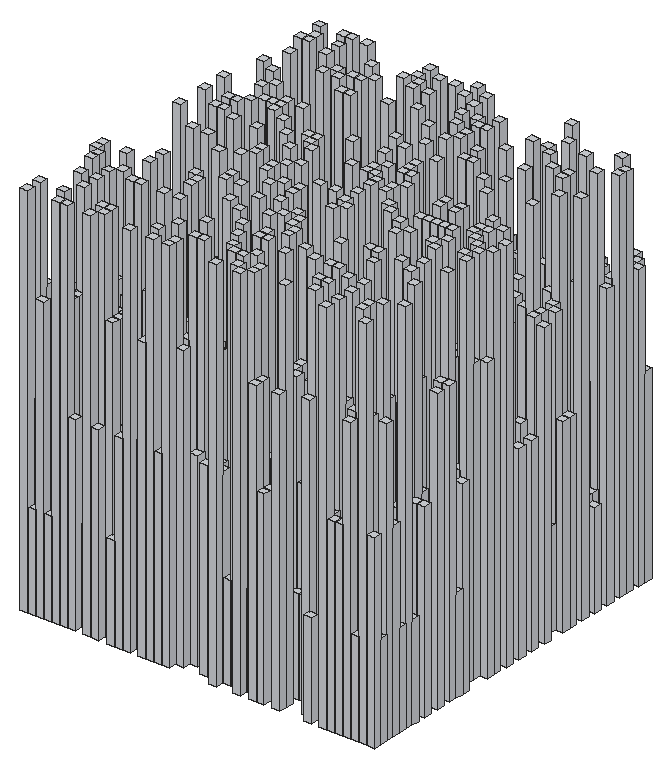
Revit family "qrcodeQ(a)R(t)", category Generic Models, Revit 2013 (continued)
Forms (in)
  Extrusion 233, solid
    sketch origin (0, 0, 0) x (1, 0, 0) y (0, 1, 0)
      loop
        line (35.9856, 8.9964) -> (36.9852, 8.9964) -> (36.9852, 9.996) -> (35.9856, 9.996) -> (35.9856, 8.9964)
    from 0 to 36
  Extrusion 234, solid
    sketch origin (0, 0, 0) x (1, 0, 0) y (0, 1, 0)
      loop
        line (37.9848, 8.9964) -> (38.9844, 8.9964) -> (38.9844, 9.996) -> (37.9848, 9.996) -> (37.9848, 8.9964)
    from 0 to 12
  Extrusion 235, solid
    sketch origin (0, 0, 0) x (1, 0, 0) y (0, 1, 0)
      loop
        line (41.9832, 8.9964) -> (42.9828, 8.9964) -> (42.9828, 9.996) -> (41.9832, 9.996) -> (41.9832, 8.9964)
    from 0 to 48
  Extrusion 236, solid
    sketch origin (0, 0, 0) x (1, 0, 0) y (0, 1, 0)
      loop
        line (0.9996, 9.996) -> (1.9992, 9.996) -> (1.9992, 10.9956) -> (0.9996, 10.9956) -> (0.9996, 9.996)
    from 0 to 48
  Extrusion 237, solid
    sketch origin (0, 0, 0) x (1, 0, 0) y (0, 1, 0)
      loop
        line (4.998, 9.996) -> (5.9976, 9.996) -> (5.9976, 10.9956) -> (4.998, 10.9956) -> (4.998, 9.996)
    from 0 to 12
  Extrusion 238, solid
    sketch origin (0, 0, 0) x (1, 0, 0) y (0, 1, 0)
      loop
        line (5.9976, 9.996) -> (6.9972, 9.996) -> (6.9972, 10.9956) -> (5.9976, 10.9956) -> (5.9976, 9.996)
    from 0 to 24
  Extrusion 239, solid
    sketch origin (0, 0, 0) x (1, 0, 0) y (0, 1, 0)
      loop
        line (7.9968, 9.996) -> (8.9964, 9.996) -> (8.9964, 10.9956) -> (7.9968, 10.9956) -> (7.9968, 9.996)
    from 0 to 24
  Extrusion 240, solid
    sketch origin (0, 0, 0) x (1, 0, 0) y (0, 1, 0)
      loop
        line (11.9952, 9.996) -> (12.9948, 9.996) -> (12.9948, 10.9956) -> (11.9952, 10.9956) -> (11.9952, 9.996)
    from 0 to 36
  Extrusion 241, solid
    sketch origin (0, 0, 0) x (1, 0, 0) y (0, 1, 0)
      loop
        line (14.994, 9.996) -> (15.9936, 9.996) -> (15.9936, 10.9956) -> (14.994, 10.9956) -> (14.994, 9.996)
    from 0 to 12
  Extrusion 242, solid
    sketch origin (0, 0, 0) x (1, 0, 0) y (0, 1, 0)
      loop
        line (18.9924, 9.996) -> (19.992, 9.996) -> (19.992, 10.9956) -> (18.9924, 10.9956) -> (18.9924, 9.996)
    from 0 to 48
  Extrusion 243, solid
    sketch origin (0, 0, 0) x (1, 0, 0) y (0, 1, 0)
      loop
        line (19.992, 9.996) -> (20.9916, 9.996) -> (20.9916, 10.9956) -> (19.992, 10.9956) -> (19.992, 9.996)
    from 0 to 12
  Extrusion 244, solid
    sketch origin (0, 0, 0) x (1, 0, 0) y (0, 1, 0)
      loop
        line (22.9908, 9.996) -> (23.9904, 9.996) -> (23.9904, 10.9956) -> (22.9908, 10.9956) -> (22.9908, 9.996)
    from 0 to 12
  Extrusion 245, solid
    sketch origin (0, 0, 0) x (1, 0, 0) y (0, 1, 0)
      loop
        line (23.9904, 9.996) -> (24.99, 9.996) -> (24.99, 10.9956) -> (23.9904, 10.9956) -> (23.9904, 9.996)
    from 0 to 24
  Extrusion 246, solid
    sketch origin (0, 0, 0) x (1, 0, 0) y (0, 1, 0)
      loop
        line (24.99, 9.996) -> (25.9896, 9.996) -> (25.9896, 10.9956) -> (24.99, 10.9956) -> (24.99, 9.996)
    from 0 to 36
  Extrusion 247, solid
    sketch origin (0, 0, 0) x (1, 0, 0) y (0, 1, 0)
      loop
        line (25.9896, 9.996) -> (26.9892, 9.996) -> (26.9892, 10.9956) -> (25.9896, 10.9956) -> (25.9896, 9.996)
    from 0 to 48
  Extrusion 248, solid
    sketch origin (0, 0, 0) x (1, 0, 0) y (0, 1, 0)
      loop
        line (27.9888, 9.996) -> (28.9884, 9.996) -> (28.9884, 10.9956) -> (27.9888, 10.9956) -> (27.9888, 9.996)
    from 0 to 12
  Extrusion 249, solid
    sketch origin (0, 0, 0) x (1, 0, 0) y (0, 1, 0)
      loop
        line (29.988, 9.996) -> (30.9876, 9.996) -> (30.9876, 10.9956) -> (29.988, 10.9956) -> (29.988, 9.996)
    from 0 to 12
  Extrusion 250, solid
    sketch origin (0, 0, 0) x (1, 0, 0) y (0, 1, 0)
      loop
        line (30.9876, 9.996) -> (31.9872, 9.996) -> (31.9872, 10.9956) -> (30.9876, 10.9956) -> (30.9876, 9.996)
    from 0 to 24
  Extrusion 251, solid
    sketch origin (0, 0, 0) x (1, 0, 0) y (0, 1, 0)
      loop
        line (32.9868, 9.996) -> (33.9864, 9.996) -> (33.9864, 10.9956) -> (32.9868, 10.9956) -> (32.9868, 9.996)
    from 0 to 36
  Extrusion 252, solid
    sketch origin (0, 0, 0) x (1, 0, 0) y (0, 1, 0)
      loop
        line (35.9856, 9.996) -> (36.9852, 9.996) -> (36.9852, 10.9956) -> (35.9856, 10.9956) -> (35.9856, 9.996)
    from 0 to 48
  Extrusion 253, solid
    sketch origin (0, 0, 0) x (1, 0, 0) y (0, 1, 0)
      loop
        line (38.9844, 9.996) -> (39.984, 9.996) -> (39.984, 10.9956) -> (38.9844, 10.9956) -> (38.9844, 9.996)
    from 0 to 12
  Extrusion 254, solid
    sketch origin (0, 0, 0) x (1, 0, 0) y (0, 1, 0)
      loop
        line (41.9832, 9.996) -> (42.9828, 9.996) -> (42.9828, 10.9956) -> (41.9832, 10.9956) -> (41.9832, 9.996)
    from 0 to 24
  Extrusion 255, solid
    sketch origin (0, 0, 0) x (1, 0, 0) y (0, 1, 0)
      loop
        line (43.9824, 9.996) -> (44.982, 9.996) -> (44.982, 10.9956) -> (43.9824, 10.9956) -> (43.9824, 9.996)
    from 0 to 36
  Extrusion 256, solid
    sketch origin (0, 0, 0) x (1, 0, 0) y (0, 1, 0)
      loop
        line (0, 10.9956) -> (0.9996, 10.9956) -> (0.9996, 11.9952) -> (0, 11.9952) -> (0, 10.9956)
    from 0 to 48
  Extrusion 257, solid
    sketch origin (0, 0, 0) x (1, 0, 0) y (0, 1, 0)
      loop
        line (1.9992, 10.9956) -> (2.9988, 10.9956) -> (2.9988, 11.9952) -> (1.9992, 11.9952) -> (1.9992, 10.9956)
    from 0 to 12
  Extrusion 258, solid
    sketch origin (0, 0, 0) x (1, 0, 0) y (0, 1, 0)
      loop
        line (7.9968, 10.9956) -> (8.9964, 10.9956) -> (8.9964, 11.9952) -> (7.9968, 11.9952) -> (7.9968, 10.9956)
    from 0 to 24
  Extrusion 259, solid
    sketch origin (0, 0, 0) x (1, 0, 0) y (0, 1, 0)
      loop
        line (9.996, 10.9956) -> (10.9956, 10.9956) -> (10.9956, 11.9952) -> (9.996, 11.9952) -> (9.996, 10.9956)
    from 0 to 36
  Extrusion 260, solid
    sketch origin (0, 0, 0) x (1, 0, 0) y (0, 1, 0)
      loop
        line (11.9952, 10.9956) -> (12.9948, 10.9956) -> (12.9948, 11.9952) -> (11.9952, 11.9952) -> (11.9952, 10.9956)
    from 0 to 48
  Extrusion 261, solid
    sketch origin (0, 0, 0) x (1, 0, 0) y (0, 1, 0)
      loop
        line (13.9944, 10.9956) -> (14.994, 10.9956) -> (14.994, 11.9952) -> (13.9944, 11.9952) -> (13.9944, 10.9956)
    from 0 to 24
  Extrusion 262, solid
    sketch origin (0, 0, 0) x (1, 0, 0) y (0, 1, 0)
      loop
        line (15.9936, 10.9956) -> (16.9932, 10.9956) -> (16.9932, 11.9952) -> (15.9936, 11.9952) -> (15.9936, 10.9956)
    from 0 to 36
  Extrusion 263, solid
    sketch origin (0, 0, 0) x (1, 0, 0) y (0, 1, 0)
      loop
        line (16.9932, 10.9956) -> (17.9928, 10.9956) -> (17.9928, 11.9952) -> (16.9932, 11.9952) -> (16.9932, 10.9956)
    from 0 to 48
  Extrusion 264, solid
    sketch origin (0, 0, 0) x (1, 0, 0) y (0, 1, 0)
      loop
        line (21.9912, 10.9956) -> (22.9908, 10.9956) -> (22.9908, 11.9952) -> (21.9912, 11.9952) -> (21.9912, 10.9956)
    from 0 to 48
  Extrusion 265, solid
    sketch origin (0, 0, 0) x (1, 0, 0) y (0, 1, 0)
      loop
        line (23.9904, 10.9956) -> (24.99, 10.9956) -> (24.99, 11.9952) -> (23.9904, 11.9952) -> (23.9904, 10.9956)
    from 0 to 12
  Extrusion 266, solid
    sketch origin (0, 0, 0) x (1, 0, 0) y (0, 1, 0)
      loop
        line (24.99, 10.9956) -> (25.9896, 10.9956) -> (25.9896, 11.9952) -> (24.99, 11.9952) -> (24.99, 10.9956)
    from 0 to 48
  Extrusion 267, solid
    sketch origin (0, 0, 0) x (1, 0, 0) y (0, 1, 0)
      loop
        line (25.9896, 10.9956) -> (26.9892, 10.9956) -> (26.9892, 11.9952) -> (25.9896, 11.9952) -> (25.9896, 10.9956)
    from 0 to 12
  Extrusion 268, solid
    sketch origin (0, 0, 0) x (1, 0, 0) y (0, 1, 0)
      loop
        line (27.9888, 10.9956) -> (28.9884, 10.9956) -> (28.9884, 11.9952) -> (27.9888, 11.9952) -> (27.9888, 10.9956)
    from 0 to 36
  Extrusion 269, solid
    sketch origin (0, 0, 0) x (1, 0, 0) y (0, 1, 0)
      loop
        line (30.9876, 10.9956) -> (31.9872, 10.9956) -> (31.9872, 11.9952) -> (30.9876, 11.9952) -> (30.9876, 10.9956)
    from 0 to 48
  Extrusion 270, solid
    sketch origin (0, 0, 0) x (1, 0, 0) y (0, 1, 0)
      loop
        line (33.9864, 10.9956) -> (34.986, 10.9956) -> (34.986, 11.9952) -> (33.9864, 11.9952) -> (33.9864, 10.9956)
    from 0 to 12
  Extrusion 271, solid
    sketch origin (0, 0, 0) x (1, 0, 0) y (0, 1, 0)
      loop
        line (34.986, 10.9956) -> (35.9856, 10.9956) -> (35.9856, 11.9952) -> (34.986, 11.9952) -> (34.986, 10.9956)
    from 0 to 36
  Extrusion 272, solid
    sketch origin (0, 0, 0) x (1, 0, 0) y (0, 1, 0)
      loop
        line (35.9856, 10.9956) -> (36.9852, 10.9956) -> (36.9852, 11.9952) -> (35.9856, 11.9952) -> (35.9856, 10.9956)
    from 0 to 36
  Extrusion 273, solid
    sketch origin (0, 0, 0) x (1, 0, 0) y (0, 1, 0)
      loop
        line (39.984, 10.9956) -> (40.9836, 10.9956) -> (40.9836, 11.9952) -> (39.984, 11.9952) -> (39.984, 10.9956)
    from 0 to 48
  Extrusion 274, solid
    sketch origin (0, 0, 0) x (1, 0, 0) y (0, 1, 0)
      loop
        line (40.9836, 10.9956) -> (41.9832, 10.9956) -> (41.9832, 11.9952) -> (40.9836, 11.9952) -> (40.9836, 10.9956)
    from 0 to 36
  Extrusion 275, solid
    sketch origin (0, 0, 0) x (1, 0, 0) y (0, 1, 0)
      loop
        line (41.9832, 10.9956) -> (42.9828, 10.9956) -> (42.9828, 11.9952) -> (41.9832, 11.9952) -> (41.9832, 10.9956)
    from 0 to 12
  Extrusion 276, solid
    sketch origin (0, 0, 0) x (1, 0, 0) y (0, 1, 0)
      loop
        line (42.9828, 10.9956) -> (43.9824, 10.9956) -> (43.9824, 11.9952) -> (42.9828, 11.9952) -> (42.9828, 10.9956)
    from 0 to 24
  Extrusion 277, solid
    sketch origin (0, 0, 0) x (1, 0, 0) y (0, 1, 0)
      loop
        line (0, 11.9952) -> (0.9996, 11.9952) -> (0.9996, 12.9948) -> (0, 12.9948) -> (0, 11.9952)
    from 0 to 48
  Extrusion 278, solid
    sketch origin (0, 0, 0) x (1, 0, 0) y (0, 1, 0)
      loop
        line (2.9988, 11.9952) -> (3.9984, 11.9952) -> (3.9984, 12.9948) -> (2.9988, 12.9948) -> (2.9988, 11.9952)
    from 0 to 48
  Extrusion 279, solid
    sketch origin (0, 0, 0) x (1, 0, 0) y (0, 1, 0)
      loop
        line (4.998, 11.9952) -> (5.9976, 11.9952) -> (5.9976, 12.9948) -> (4.998, 12.9948) -> (4.998, 11.9952)
    from 0 to 36
  Extrusion 280, solid
    sketch origin (0, 0, 0) x (1, 0, 0) y (0, 1, 0)
      loop
        line (5.9976, 11.9952) -> (6.9972, 11.9952) -> (6.9972, 12.9948) -> (5.9976, 12.9948) -> (5.9976, 11.9952)
    from 0 to 48
  Extrusion 281, solid
    sketch origin (0, 0, 0) x (1, 0, 0) y (0, 1, 0)
      loop
        line (6.9972, 11.9952) -> (7.9968, 11.9952) -> (7.9968, 12.9948) -> (6.9972, 12.9948) -> (6.9972, 11.9952)
    from 0 to 36
  Extrusion 282, solid
    sketch origin (0, 0, 0) x (1, 0, 0) y (0, 1, 0)
      loop
        line (7.9968, 11.9952) -> (8.9964, 11.9952) -> (8.9964, 12.9948) -> (7.9968, 12.9948) -> (7.9968, 11.9952)
    from 0 to 36
  Extrusion 283, solid
    sketch origin (0, 0, 0) x (1, 0, 0) y (0, 1, 0)
      loop
        line (9.996, 11.9952) -> (10.9956, 11.9952) -> (10.9956, 12.9948) -> (9.996, 12.9948) -> (9.996, 11.9952)
    from 0 to 24
  Extrusion 284, solid
    sketch origin (0, 0, 0) x (1, 0, 0) y (0, 1, 0)
      loop
        line (11.9952, 11.9952) -> (12.9948, 11.9952) -> (12.9948, 12.9948) -> (11.9952, 12.9948) -> (11.9952, 11.9952)
    from 0 to 48
  Extrusion 285, solid
    sketch origin (0, 0, 0) x (1, 0, 0) y (0, 1, 0)
      loop
        line (13.9944, 11.9952) -> (14.994, 11.9952) -> (14.994, 12.9948) -> (13.9944, 12.9948) -> (13.9944, 11.9952)
    from 0 to 24
  Extrusion 286, solid
    sketch origin (0, 0, 0) x (1, 0, 0) y (0, 1, 0)
      loop
        line (15.9936, 11.9952) -> (16.9932, 11.9952) -> (16.9932, 12.9948) -> (15.9936, 12.9948) -> (15.9936, 11.9952)
    from 0 to 24
  Extrusion 287, solid
    sketch origin (0, 0, 0) x (1, 0, 0) y (0, 1, 0)
      loop
        line (19.992, 11.9952) -> (20.9916, 11.9952) -> (20.9916, 12.9948) -> (19.992, 12.9948) -> (19.992, 11.9952)
    from 0 to 24
  Extrusion 288, solid
    sketch origin (0, 0, 0) x (1, 0, 0) y (0, 1, 0)
      loop
        line (21.9912, 11.9952) -> (22.9908, 11.9952) -> (22.9908, 12.9948) -> (21.9912, 12.9948) -> (21.9912, 11.9952)
    from 0 to 24
  Extrusion 289, solid
    sketch origin (0, 0, 0) x (1, 0, 0) y (0, 1, 0)
      loop
        line (22.9908, 11.9952) -> (23.9904, 11.9952) -> (23.9904, 12.9948) -> (22.9908, 12.9948) -> (22.9908, 11.9952)
    from 0 to 48
  Extrusion 290, solid
    sketch origin (0, 0, 0) x (1, 0, 0) y (0, 1, 0)
      loop
        line (23.9904, 11.9952) -> (24.99, 11.9952) -> (24.99, 12.9948) -> (23.9904, 12.9948) -> (23.9904, 11.9952)
    from 0 to 36
  Extrusion 291, solid
    sketch origin (0, 0, 0) x (1, 0, 0) y (0, 1, 0)
      loop
        line (24.99, 11.9952) -> (25.9896, 11.9952) -> (25.9896, 12.9948) -> (24.99, 12.9948) -> (24.99, 11.9952)
    from 0 to 48
  Extrusion 292, solid
    sketch origin (0, 0, 0) x (1, 0, 0) y (0, 1, 0)
      loop
        line (28.9884, 11.9952) -> (29.988, 11.9952) -> (29.988, 12.9948) -> (28.9884, 12.9948) -> (28.9884, 11.9952)
    from 0 to 24
  Extrusion 293, solid
    sketch origin (0, 0, 0) x (1, 0, 0) y (0, 1, 0)
      loop
        line (30.9876, 11.9952) -> (31.9872, 11.9952) -> (31.9872, 12.9948) -> (30.9876, 12.9948) -> (30.9876, 11.9952)
    from 0 to 24
  Extrusion 294, solid
    sketch origin (0, 0, 0) x (1, 0, 0) y (0, 1, 0)
      loop
        line (31.9872, 11.9952) -> (32.9868, 11.9952) -> (32.9868, 12.9948) -> (31.9872, 12.9948) -> (31.9872, 11.9952)
    from 0 to 24
  Extrusion 295, solid
    sketch origin (0, 0, 0) x (1, 0, 0) y (0, 1, 0)
      loop
        line (33.9864, 11.9952) -> (34.986, 11.9952) -> (34.986, 12.9948) -> (33.9864, 12.9948) -> (33.9864, 11.9952)
    from 0 to 48
  Extrusion 296, solid
    sketch origin (0, 0, 0) x (1, 0, 0) y (0, 1, 0)
      loop
        line (34.986, 11.9952) -> (35.9856, 11.9952) -> (35.9856, 12.9948) -> (34.986, 12.9948) -> (34.986, 11.9952)
    from 0 to 48
  Extrusion 297, solid
    sketch origin (0, 0, 0) x (1, 0, 0) y (0, 1, 0)
      loop
        line (35.9856, 11.9952) -> (36.9852, 11.9952) -> (36.9852, 12.9948) -> (35.9856, 12.9948) -> (35.9856, 11.9952)
    from 0 to 24
  Extrusion 298, solid
    sketch origin (0, 0, 0) x (1, 0, 0) y (0, 1, 0)
      loop
        line (37.9848, 11.9952) -> (38.9844, 11.9952) -> (38.9844, 12.9948) -> (37.9848, 12.9948) -> (37.9848, 11.9952)
    from 0 to 48
  Extrusion 299, solid
    sketch origin (0, 0, 0) x (1, 0, 0) y (0, 1, 0)
      loop
        line (41.9832, 11.9952) -> (42.9828, 11.9952) -> (42.9828, 12.9948) -> (41.9832, 12.9948) -> (41.9832, 11.9952)
    from 0 to 12
  Extrusion 300, solid
    sketch origin (0, 0, 0) x (1, 0, 0) y (0, 1, 0)
      loop
        line (42.9828, 11.9952) -> (43.9824, 11.9952) -> (43.9824, 12.9948) -> (42.9828, 12.9948) -> (42.9828, 11.9952)
    from 0 to 36
  Extrusion 301, solid
    sketch origin (0, 0, 0) x (1, 0, 0) y (0, 1, 0)
      loop
        line (43.9824, 11.9952) -> (44.982, 11.9952) -> (44.982, 12.9948) -> (43.9824, 12.9948) -> (43.9824, 11.9952)
    from 0 to 36
  Extrusion 302, solid
    sketch origin (0, 0, 0) x (1, 0, 0) y (0, 1, 0)
      loop
        line (0.9996, 12.9948) -> (1.9992, 12.9948) -> (1.9992, 13.9944) -> (0.9996, 13.9944) -> (0.9996, 12.9948)
    from 0 to 12
  Extrusion 303, solid
    sketch origin (0, 0, 0) x (1, 0, 0) y (0, 1, 0)
      loop
        line (1.9992, 12.9948) -> (2.9988, 12.9948) -> (2.9988, 13.9944) -> (1.9992, 13.9944) -> (1.9992, 12.9948)
    from 0 to 24
  Extrusion 304, solid
    sketch origin (0, 0, 0) x (1, 0, 0) y (0, 1, 0)
      loop
        line (2.9988, 12.9948) -> (3.9984, 12.9948) -> (3.9984, 13.9944) -> (2.9988, 13.9944) -> (2.9988, 12.9948)
    from 0 to 24
  Extrusion 305, solid
    sketch origin (0, 0, 0) x (1, 0, 0) y (0, 1, 0)
      loop
        line (7.9968, 12.9948) -> (8.9964, 12.9948) -> (8.9964, 13.9944) -> (7.9968, 13.9944) -> (7.9968, 12.9948)
    from 0 to 36
  Extrusion 306, solid
    sketch origin (0, 0, 0) x (1, 0, 0) y (0, 1, 0)
      loop
        line (9.996, 12.9948) -> (10.9956, 12.9948) -> (10.9956, 13.9944) -> (9.996, 13.9944) -> (9.996, 12.9948)
    from 0 to 12
  Extrusion 307, solid
    sketch origin (0, 0, 0) x (1, 0, 0) y (0, 1, 0)
      loop
        line (10.9956, 12.9948) -> (11.9952, 12.9948) -> (11.9952, 13.9944) -> (10.9956, 13.9944) -> (10.9956, 12.9948)
    from 0 to 48
  Extrusion 308, solid
    sketch origin (0, 0, 0) x (1, 0, 0) y (0, 1, 0)
      loop
        line (12.9948, 12.9948) -> (13.9944, 12.9948) -> (13.9944, 13.9944) -> (12.9948, 13.9944) -> (12.9948, 12.9948)
    from 0 to 24
  Extrusion 309, solid
    sketch origin (0, 0, 0) x (1, 0, 0) y (0, 1, 0)
      loop
        line (14.994, 12.9948) -> (15.9936, 12.9948) -> (15.9936, 13.9944) -> (14.994, 13.9944) -> (14.994, 12.9948)
    from 0 to 12
  Extrusion 310, solid
    sketch origin (0, 0, 0) x (1, 0, 0) y (0, 1, 0)
      loop
        line (15.9936, 12.9948) -> (16.9932, 12.9948) -> (16.9932, 13.9944) -> (15.9936, 13.9944) -> (15.9936, 12.9948)
    from 0 to 36
  Extrusion 311, solid
    sketch origin (0, 0, 0) x (1, 0, 0) y (0, 1, 0)
      loop
        line (17.9928, 12.9948) -> (18.9924, 12.9948) -> (18.9924, 13.9944) -> (17.9928, 13.9944) -> (17.9928, 12.9948)
    from 0 to 24
  Extrusion 312, solid
    sketch origin (0, 0, 0) x (1, 0, 0) y (0, 1, 0)
      loop
        line (18.9924, 12.9948) -> (19.992, 12.9948) -> (19.992, 13.9944) -> (18.9924, 13.9944) -> (18.9924, 12.9948)
    from 0 to 48
  Extrusion 313, solid
    sketch origin (0, 0, 0) x (1, 0, 0) y (0, 1, 0)
      loop
        line (19.992, 12.9948) -> (20.9916, 12.9948) -> (20.9916, 13.9944) -> (19.992, 13.9944) -> (19.992, 12.9948)
    from 0 to 36
  Extrusion 314, solid
    sketch origin (0, 0, 0) x (1, 0, 0) y (0, 1, 0)
      loop
        line (20.9916, 12.9948) -> (21.9912, 12.9948) -> (21.9912, 13.9944) -> (20.9916, 13.9944) -> (20.9916, 12.9948)
    from 0 to 36
  Extrusion 315, solid
    sketch origin (0, 0, 0) x (1, 0, 0) y (0, 1, 0)
      loop
        line (21.9912, 12.9948) -> (22.9908, 12.9948) -> (22.9908, 13.9944) -> (21.9912, 13.9944) -> (21.9912, 12.9948)
    from 0 to 24
  Extrusion 316, solid
    sketch origin (0, 0, 0) x (1, 0, 0) y (0, 1, 0)
      loop
        line (23.9904, 12.9948) -> (24.99, 12.9948) -> (24.99, 13.9944) -> (23.9904, 13.9944) -> (23.9904, 12.9948)
    from 0 to 48
  Extrusion 317, solid
    sketch origin (0, 0, 0) x (1, 0, 0) y (0, 1, 0)
      loop
        line (27.9888, 12.9948) -> (28.9884, 12.9948) -> (28.9884, 13.9944) -> (27.9888, 13.9944) -> (27.9888, 12.9948)
    from 0 to 36
  Extrusion 318, solid
    sketch origin (0, 0, 0) x (1, 0, 0) y (0, 1, 0)
      loop
        line (28.9884, 12.9948) -> (29.988, 12.9948) -> (29.988, 13.9944) -> (28.9884, 13.9944) -> (28.9884, 12.9948)
    from 0 to 24
  Extrusion 319, solid
    sketch origin (0, 0, 0) x (1, 0, 0) y (0, 1, 0)
      loop
        line (31.9872, 12.9948) -> (32.9868, 12.9948) -> (32.9868, 13.9944) -> (31.9872, 13.9944) -> (31.9872, 12.9948)
    from 0 to 36
  Extrusion 320, solid
    sketch origin (0, 0, 0) x (1, 0, 0) y (0, 1, 0)
      loop
        line (34.986, 12.9948) -> (35.9856, 12.9948) -> (35.9856, 13.9944) -> (34.986, 13.9944) -> (34.986, 12.9948)
    from 0 to 24
  Extrusion 321, solid
    sketch origin (0, 0, 0) x (1, 0, 0) y (0, 1, 0)
      loop
        line (36.9852, 12.9948) -> (37.9848, 12.9948) -> (37.9848, 13.9944) -> (36.9852, 13.9944) -> (36.9852, 12.9948)
    from 0 to 12
  Extrusion 322, solid
    sketch origin (0, 0, 0) x (1, 0, 0) y (0, 1, 0)
      loop
        line (37.9848, 12.9948) -> (38.9844, 12.9948) -> (38.9844, 13.9944) -> (37.9848, 13.9944) -> (37.9848, 12.9948)
    from 0 to 12
  Extrusion 323, solid
    sketch origin (0, 0, 0) x (1, 0, 0) y (0, 1, 0)
      loop
        line (39.984, 12.9948) -> (40.9836, 12.9948) -> (40.9836, 13.9944) -> (39.984, 13.9944) -> (39.984, 12.9948)
    from 0 to 48
  Extrusion 324, solid
    sketch origin (0, 0, 0) x (1, 0, 0) y (0, 1, 0)
      loop
        line (40.9836, 12.9948) -> (41.9832, 12.9948) -> (41.9832, 13.9944) -> (40.9836, 13.9944) -> (40.9836, 12.9948)
    from 0 to 12
  Extrusion 325, solid
    sketch origin (0, 0, 0) x (1, 0, 0) y (0, 1, 0)
      loop
        line (42.9828, 12.9948) -> (43.9824, 12.9948) -> (43.9824, 13.9944) -> (42.9828, 13.9944) -> (42.9828, 12.9948)
    from 0 to 48
  Extrusion 326, solid
    sketch origin (0, 0, 0) x (1, 0, 0) y (0, 1, 0)
      loop
        line (43.9824, 12.9948) -> (44.982, 12.9948) -> (44.982, 13.9944) -> (43.9824, 13.9944) -> (43.9824, 12.9948)
    from 0 to 12
  Extrusion 327, solid
    sketch origin (0, 0, 0) x (1, 0, 0) y (0, 1, 0)
      loop
        line (0.9996, 13.9944) -> (1.9992, 13.9944) -> (1.9992, 14.994) -> (0.9996, 14.994) -> (0.9996, 13.9944)
    from 0 to 24
  Extrusion 328, solid
    sketch origin (0, 0, 0) x (1, 0, 0) y (0, 1, 0)
      loop
        line (1.9992, 13.9944) -> (2.9988, 13.9944) -> (2.9988, 14.994) -> (1.9992, 14.994) -> (1.9992, 13.9944)
    from 0 to 12
  Extrusion 329, solid
    sketch origin (0, 0, 0) x (1, 0, 0) y (0, 1, 0)
      loop
        line (3.9984, 13.9944) -> (4.998, 13.9944) -> (4.998, 14.994) -> (3.9984, 14.994) -> (3.9984, 13.9944)
    from 0 to 24
  Extrusion 330, solid
    sketch origin (0, 0, 0) x (1, 0, 0) y (0, 1, 0)
      loop
        line (4.998, 13.9944) -> (5.9976, 13.9944) -> (5.9976, 14.994) -> (4.998, 14.994) -> (4.998, 13.9944)
    from 0 to 36
  Extrusion 331, solid
    sketch origin (0, 0, 0) x (1, 0, 0) y (0, 1, 0)
      loop
        line (5.9976, 13.9944) -> (6.9972, 13.9944) -> (6.9972, 14.994) -> (5.9976, 14.994) -> (5.9976, 13.9944)
    from 0 to 48
  Extrusion 332, solid
    sketch origin (0, 0, 0) x (1, 0, 0) y (0, 1, 0)
      loop
        line (7.9968, 13.9944) -> (8.9964, 13.9944) -> (8.9964, 14.994) -> (7.9968, 14.994) -> (7.9968, 13.9944)
    from 0 to 36
  Extrusion 333, solid
    sketch origin (0, 0, 0) x (1, 0, 0) y (0, 1, 0)
      loop
        line (13.9944, 13.9944) -> (14.994, 13.9944) -> (14.994, 14.994) -> (13.9944, 14.994) -> (13.9944, 13.9944)
    from 0 to 48
  Extrusion 334, solid
    sketch origin (0, 0, 0) x (1, 0, 0) y (0, 1, 0)
      loop
        line (15.9936, 13.9944) -> (16.9932, 13.9944) -> (16.9932, 14.994) -> (15.9936, 14.994) -> (15.9936, 13.9944)
    from 0 to 48
  Extrusion 335, solid
    sketch origin (0, 0, 0) x (1, 0, 0) y (0, 1, 0)
      loop
        line (17.9928, 13.9944) -> (18.9924, 13.9944) -> (18.9924, 14.994) -> (17.9928, 14.994) -> (17.9928, 13.9944)
    from 0 to 36
  Extrusion 336, solid
    sketch origin (0, 0, 0) x (1, 0, 0) y (0, 1, 0)
      loop
        line (18.9924, 13.9944) -> (19.992, 13.9944) -> (19.992, 14.994) -> (18.9924, 14.994) -> (18.9924, 13.9944)
    from 0 to 36
  Extrusion 337, solid
    sketch origin (0, 0, 0) x (1, 0, 0) y (0, 1, 0)
      loop
        line (20.9916, 13.9944) -> (21.9912, 13.9944) -> (21.9912, 14.994) -> (20.9916, 14.994) -> (20.9916, 13.9944)
    from 0 to 48
  Extrusion 338, solid
    sketch origin (0, 0, 0) x (1, 0, 0) y (0, 1, 0)
      loop
        line (22.9908, 13.9944) -> (23.9904, 13.9944) -> (23.9904, 14.994) -> (22.9908, 14.994) -> (22.9908, 13.9944)
    from 0 to 36
  Extrusion 339, solid
    sketch origin (0, 0, 0) x (1, 0, 0) y (0, 1, 0)
      loop
        line (24.99, 13.9944) -> (25.9896, 13.9944) -> (25.9896, 14.994) -> (24.99, 14.994) -> (24.99, 13.9944)
    from 0 to 36
  Extrusion 340, solid
    sketch origin (0, 0, 0) x (1, 0, 0) y (0, 1, 0)
      loop
        line (29.988, 13.9944) -> (30.9876, 13.9944) -> (30.9876, 14.994) -> (29.988, 14.994) -> (29.988, 13.9944)
    from 0 to 24
  Extrusion 341, solid
    sketch origin (0, 0, 0) x (1, 0, 0) y (0, 1, 0)
      loop
        line (30.9876, 13.9944) -> (31.9872, 13.9944) -> (31.9872, 14.994) -> (30.9876, 14.994) -> (30.9876, 13.9944)
    from 0 to 36
  Extrusion 342, solid
    sketch origin (0, 0, 0) x (1, 0, 0) y (0, 1, 0)
      loop
        line (33.9864, 13.9944) -> (34.986, 13.9944) -> (34.986, 14.994) -> (33.9864, 14.994) -> (33.9864, 13.9944)
    from 0 to 36
  Extrusion 343, solid
    sketch origin (0, 0, 0) x (1, 0, 0) y (0, 1, 0)
      loop
        line (43.9824, 13.9944) -> (44.982, 13.9944) -> (44.982, 14.994) -> (43.9824, 14.994) -> (43.9824, 13.9944)
    from 0 to 24
  Extrusion 344, solid
    sketch origin (0, 0, 0) x (1, 0, 0) y (0, 1, 0)
      loop
        line (0.9996, 14.994) -> (1.9992, 14.994) -> (1.9992, 15.9936) -> (0.9996, 15.9936) -> (0.9996, 14.994)
    from 0 to 36
  Extrusion 345, solid
    sketch origin (0, 0, 0) x (1, 0, 0) y (0, 1, 0)
      loop
        line (2.9988, 14.994) -> (3.9984, 14.994) -> (3.9984, 15.9936) -> (2.9988, 15.9936) -> (2.9988, 14.994)
    from 0 to 36
  Extrusion 346, solid
    sketch origin (0, 0, 0) x (1, 0, 0) y (0, 1, 0)
      loop
        line (6.9972, 14.994) -> (7.9968, 14.994) -> (7.9968, 15.9936) -> (6.9972, 15.9936) -> (6.9972, 14.994)
    from 0 to 36
  Extrusion 347, solid
    sketch origin (0, 0, 0) x (1, 0, 0) y (0, 1, 0)
      loop
        line (9.996, 14.994) -> (10.9956, 14.994) -> (10.9956, 15.9936) -> (9.996, 15.9936) -> (9.996, 14.994)
    from 0 to 36
  Extrusion 348, solid
    sketch origin (0, 0, 0) x (1, 0, 0) y (0, 1, 0)
      loop
        line (12.9948, 14.994) -> (13.9944, 14.994) -> (13.9944, 15.9936) -> (12.9948, 15.9936) -> (12.9948, 14.994)
    from 0 to 24
  Extrusion 349, solid
    sketch origin (0, 0, 0) x (1, 0, 0) y (0, 1, 0)
      loop
        line (13.9944, 14.994) -> (14.994, 14.994) -> (14.994, 15.9936) -> (13.9944, 15.9936) -> (13.9944, 14.994)
    from 0 to 48
  Extrusion 350, solid
    sketch origin (0, 0, 0) x (1, 0, 0) y (0, 1, 0)
      loop
        line (14.994, 14.994) -> (15.9936, 14.994) -> (15.9936, 15.9936) -> (14.994, 15.9936) -> (14.994, 14.994)
    from 0 to 36
  Extrusion 351, solid
    sketch origin (0, 0, 0) x (1, 0, 0) y (0, 1, 0)
      loop
        line (16.9932, 14.994) -> (17.9928, 14.994) -> (17.9928, 15.9936) -> (16.9932, 15.9936) -> (16.9932, 14.994)
    from 0 to 36
  Extrusion 352, solid
    sketch origin (0, 0, 0) x (1, 0, 0) y (0, 1, 0)
      loop
        line (17.9928, 14.994) -> (18.9924, 14.994) -> (18.9924, 15.9936) -> (17.9928, 15.9936) -> (17.9928, 14.994)
    from 0 to 36
  Extrusion 353, solid
    sketch origin (0, 0, 0) x (1, 0, 0) y (0, 1, 0)
      loop
        line (18.9924, 14.994) -> (19.992, 14.994) -> (19.992, 15.9936) -> (18.9924, 15.9936) -> (18.9924, 14.994)
    from 0 to 36
  Extrusion 354, solid
    sketch origin (0, 0, 0) x (1, 0, 0) y (0, 1, 0)
      loop
        line (20.9916, 14.994) -> (21.9912, 14.994) -> (21.9912, 15.9936) -> (20.9916, 15.9936) -> (20.9916, 14.994)
    from 0 to 24
  Extrusion 355, solid
    sketch origin (0, 0, 0) x (1, 0, 0) y (0, 1, 0)
      loop
        line (25.9896, 14.994) -> (26.9892, 14.994) -> (26.9892, 15.9936) -> (25.9896, 15.9936) -> (25.9896, 14.994)
    from 0 to 24
  Extrusion 356, solid
    sketch origin (0, 0, 0) x (1, 0, 0) y (0, 1, 0)
      loop
        line (26.9892, 14.994) -> (27.9888, 14.994) -> (27.9888, 15.9936) -> (26.9892, 15.9936) -> (26.9892, 14.994)
    from 0 to 24
  Extrusion 357, solid
    sketch origin (0, 0, 0) x (1, 0, 0) y (0, 1, 0)
      loop
        line (27.9888, 14.994) -> (28.9884, 14.994) -> (28.9884, 15.9936) -> (27.9888, 15.9936) -> (27.9888, 14.994)
    from 0 to 24
  Extrusion 358, solid
    sketch origin (0, 0, 0) x (1, 0, 0) y (0, 1, 0)
      loop
        line (28.9884, 14.994) -> (29.988, 14.994) -> (29.988, 15.9936) -> (28.9884, 15.9936) -> (28.9884, 14.994)
    from 0 to 24
  Extrusion 359, solid
    sketch origin (0, 0, 0) x (1, 0, 0) y (0, 1, 0)
      loop
        line (31.9872, 14.994) -> (32.9868, 14.994) -> (32.9868, 15.9936) -> (31.9872, 15.9936) -> (31.9872, 14.994)
    from 0 to 24
  Extrusion 360, solid
    sketch origin (0, 0, 0) x (1, 0, 0) y (0, 1, 0)
      loop
        line (32.9868, 14.994) -> (33.9864, 14.994) -> (33.9864, 15.9936) -> (32.9868, 15.9936) -> (32.9868, 14.994)
    from 0 to 24
  Extrusion 361, solid
    sketch origin (0, 0, 0) x (1, 0, 0) y (0, 1, 0)
      loop
        line (34.986, 14.994) -> (35.9856, 14.994) -> (35.9856, 15.9936) -> (34.986, 15.9936) -> (34.986, 14.994)
    from 0 to 24
  Extrusion 362, solid
    sketch origin (0, 0, 0) x (1, 0, 0) y (0, 1, 0)
      loop
        line (36.9852, 14.994) -> (37.9848, 14.994) -> (37.9848, 15.9936) -> (36.9852, 15.9936) -> (36.9852, 14.994)
    from 0 to 24
  Extrusion 363, solid
    sketch origin (0, 0, 0) x (1, 0, 0) y (0, 1, 0)
      loop
        line (38.9844, 14.994) -> (39.984, 14.994) -> (39.984, 15.9936) -> (38.9844, 15.9936) -> (38.9844, 14.994)
    from 0 to 24
  Extrusion 364, solid
    sketch origin (0, 0, 0) x (1, 0, 0) y (0, 1, 0)
      loop
        line (39.984, 14.994) -> (40.9836, 14.994) -> (40.9836, 15.9936) -> (39.984, 15.9936) -> (39.984, 14.994)
    from 0 to 24
  Extrusion 365, solid
    sketch origin (0, 0, 0) x (1, 0, 0) y (0, 1, 0)
      loop
        line (40.9836, 14.994) -> (41.9832, 14.994) -> (41.9832, 15.9936) -> (40.9836, 15.9936) -> (40.9836, 14.994)
    from 0 to 24
  Extrusion 366, solid
    sketch origin (0, 0, 0) x (1, 0, 0) y (0, 1, 0)
      loop
        line (0, 15.9936) -> (0.9996, 15.9936) -> (0.9996, 16.9932) -> (0, 16.9932) -> (0, 15.9936)
    from 0 to 24
  Extrusion 367, solid
    sketch origin (0, 0, 0) x (1, 0, 0) y (0, 1, 0)
      loop
        line (2.9988, 15.9936) -> (3.9984, 15.9936) -> (3.9984, 16.9932) -> (2.9988, 16.9932) -> (2.9988, 15.9936)
    from 0 to 24
  Extrusion 368, solid
    sketch origin (0, 0, 0) x (1, 0, 0) y (0, 1, 0)
      loop
        line (3.9984, 15.9936) -> (4.998, 15.9936) -> (4.998, 16.9932) -> (3.9984, 16.9932) -> (3.9984, 15.9936)
    from 0 to 24
  Extrusion 369, solid
    sketch origin (0, 0, 0) x (1, 0, 0) y (0, 1, 0)
      loop
        line (5.9976, 15.9936) -> (6.9972, 15.9936) -> (6.9972, 16.9932) -> (5.9976, 16.9932) -> (5.9976, 15.9936)
    from 0 to 24
  Extrusion 370, solid
    sketch origin (0, 0, 0) x (1, 0, 0) y (0, 1, 0)
      loop
        line (6.9972, 15.9936) -> (7.9968, 15.9936) -> (7.9968, 16.9932) -> (6.9972, 16.9932) -> (6.9972, 15.9936)
    from 0 to 24
  Extrusion 371, solid
    sketch origin (0, 0, 0) x (1, 0, 0) y (0, 1, 0)
      loop
        line (8.9964, 15.9936) -> (9.996, 15.9936) -> (9.996, 16.9932) -> (8.9964, 16.9932) -> (8.9964, 15.9936)
    from 0 to 36
  Extrusion 372, solid
    sketch origin (0, 0, 0) x (1, 0, 0) y (0, 1, 0)
      loop
        line (11.9952, 15.9936) -> (12.9948, 15.9936) -> (12.9948, 16.9932) -> (11.9952, 16.9932) -> (11.9952, 15.9936)
    from 0 to 36
  Extrusion 373, solid
    sketch origin (0, 0, 0) x (1, 0, 0) y (0, 1, 0)
      loop
        line (13.9944, 15.9936) -> (14.994, 15.9936) -> (14.994, 16.9932) -> (13.9944, 16.9932) -> (13.9944, 15.9936)
    from 0 to 36
  Extrusion 374, solid
    sketch origin (0, 0, 0) x (1, 0, 0) y (0, 1, 0)
      loop
        line (14.994, 15.9936) -> (15.9936, 15.9936) -> (15.9936, 16.9932) -> (14.994, 16.9932) -> (14.994, 15.9936)
    from 0 to 24
  Extrusion 375, solid
    sketch origin (0, 0, 0) x (1, 0, 0) y (0, 1, 0)
      loop
        line (16.9932, 15.9936) -> (17.9928, 15.9936) -> (17.9928, 16.9932) -> (16.9932, 16.9932) -> (16.9932, 15.9936)
    from 0 to 24
  Extrusion 376, solid
    sketch origin (0, 0, 0) x (1, 0, 0) y (0, 1, 0)
      loop
        line (17.9928, 15.9936) -> (18.9924, 15.9936) -> (18.9924, 16.9932) -> (17.9928, 16.9932) -> (17.9928, 15.9936)
    from 0 to 48
  Extrusion 377, solid
    sketch origin (0, 0, 0) x (1, 0, 0) y (0, 1, 0)
      loop
        line (20.9916, 15.9936) -> (21.9912, 15.9936) -> (21.9912, 16.9932) -> (20.9916, 16.9932) -> (20.9916, 15.9936)
    from 0 to 48
  Extrusion 378, solid
    sketch origin (0, 0, 0) x (1, 0, 0) y (0, 1, 0)
      loop
        line (24.99, 15.9936) -> (25.9896, 15.9936) -> (25.9896, 16.9932) -> (24.99, 16.9932) -> (24.99, 15.9936)
    from 0 to 12
  Extrusion 379, solid
    sketch origin (0, 0, 0) x (1, 0, 0) y (0, 1, 0)
      loop
        line (25.9896, 15.9936) -> (26.9892, 15.9936) -> (26.9892, 16.9932) -> (25.9896, 16.9932) -> (25.9896, 15.9936)
    from 0 to 48
  Extrusion 380, solid
    sketch origin (0, 0, 0) x (1, 0, 0) y (0, 1, 0)
      loop
        line (26.9892, 15.9936) -> (27.9888, 15.9936) -> (27.9888, 16.9932) -> (26.9892, 16.9932) -> (26.9892, 15.9936)
    from 0 to 24
  Extrusion 381, solid
    sketch origin (0, 0, 0) x (1, 0, 0) y (0, 1, 0)
      loop
        line (28.9884, 15.9936) -> (29.988, 15.9936) -> (29.988, 16.9932) -> (28.9884, 16.9932) -> (28.9884, 15.9936)
    from 0 to 12
  Extrusion 382, solid
    sketch origin (0, 0, 0) x (1, 0, 0) y (0, 1, 0)
      loop
        line (30.9876, 15.9936) -> (31.9872, 15.9936) -> (31.9872, 16.9932) -> (30.9876, 16.9932) -> (30.9876, 15.9936)
    from 0 to 12
  Extrusion 383, solid
    sketch origin (0, 0, 0) x (1, 0, 0) y (0, 1, 0)
      loop
        line (32.9868, 15.9936) -> (33.9864, 15.9936) -> (33.9864, 16.9932) -> (32.9868, 16.9932) -> (32.9868, 15.9936)
    from 0 to 36
  Extrusion 384, solid
    sketch origin (0, 0, 0) x (1, 0, 0) y (0, 1, 0)
      loop
        line (33.9864, 15.9936) -> (34.986, 15.9936) -> (34.986, 16.9932) -> (33.9864, 16.9932) -> (33.9864, 15.9936)
    from 0 to 48
  Extrusion 385, solid
    sketch origin (0, 0, 0) x (1, 0, 0) y (0, 1, 0)
      loop
        line (34.986, 15.9936) -> (35.9856, 15.9936) -> (35.9856, 16.9932) -> (34.986, 16.9932) -> (34.986, 15.9936)
    from 0 to 36
  Extrusion 386, solid
    sketch origin (0, 0, 0) x (1, 0, 0) y (0, 1, 0)
      loop
        line (35.9856, 15.9936) -> (36.9852, 15.9936) -> (36.9852, 16.9932) -> (35.9856, 16.9932) -> (35.9856, 15.9936)
    from 0 to 12
  Extrusion 387, solid
    sketch origin (0, 0, 0) x (1, 0, 0) y (0, 1, 0)
      loop
        line (38.9844, 15.9936) -> (39.984, 15.9936) -> (39.984, 16.9932) -> (38.9844, 16.9932) -> (38.9844, 15.9936)
    from 0 to 48
  Extrusion 388, solid
    sketch origin (0, 0, 0) x (1, 0, 0) y (0, 1, 0)
      loop
        line (40.9836, 15.9936) -> (41.9832, 15.9936) -> (41.9832, 16.9932) -> (40.9836, 16.9932) -> (40.9836, 15.9936)
    from 0 to 36
  Extrusion 389, solid
    sketch origin (0, 0, 0) x (1, 0, 0) y (0, 1, 0)
      loop
        line (41.9832, 15.9936) -> (42.9828, 15.9936) -> (42.9828, 16.9932) -> (41.9832, 16.9932) -> (41.9832, 15.9936)
    from 0 to 24
  Extrusion 390, solid
    sketch origin (0, 0, 0) x (1, 0, 0) y (0, 1, 0)
      loop
        line (42.9828, 15.9936) -> (43.9824, 15.9936) -> (43.9824, 16.9932) -> (42.9828, 16.9932) -> (42.9828, 15.9936)
    from 0 to 48
  Extrusion 391, solid
    sketch origin (0, 0, 0) x (1, 0, 0) y (0, 1, 0)
      loop
        line (0.9996, 16.9932) -> (1.9992, 16.9932) -> (1.9992, 17.9928) -> (0.9996, 17.9928) -> (0.9996, 16.9932)
    from 0 to 36
  Extrusion 392, solid
    sketch origin (0, 0, 0) x (1, 0, 0) y (0, 1, 0)
      loop
        line (1.9992, 16.9932) -> (2.9988, 16.9932) -> (2.9988, 17.9928) -> (1.9992, 17.9928) -> (1.9992, 16.9932)
    from 0 to 12
  Extrusion 393, solid
    sketch origin (0, 0, 0) x (1, 0, 0) y (0, 1, 0)
      loop
        line (4.998, 16.9932) -> (5.9976, 16.9932) -> (5.9976, 17.9928) -> (4.998, 17.9928) -> (4.998, 16.9932)
    from 0 to 12
  Extrusion 394, solid
    sketch origin (0, 0, 0) x (1, 0, 0) y (0, 1, 0)
      loop
        line (6.9972, 16.9932) -> (7.9968, 16.9932) -> (7.9968, 17.9928) -> (6.9972, 17.9928) -> (6.9972, 16.9932)
    from 0 to 36
  Extrusion 395, solid
    sketch origin (0, 0, 0) x (1, 0, 0) y (0, 1, 0)
      loop
        line (9.996, 16.9932) -> (10.9956, 16.9932) -> (10.9956, 17.9928) -> (9.996, 17.9928) -> (9.996, 16.9932)
    from 0 to 36
  Extrusion 396, solid
    sketch origin (0, 0, 0) x (1, 0, 0) y (0, 1, 0)
      loop
        line (13.9944, 16.9932) -> (14.994, 16.9932) -> (14.994, 17.9928) -> (13.9944, 17.9928) -> (13.9944, 16.9932)
    from 0 to 12
  Extrusion 397, solid
    sketch origin (0, 0, 0) x (1, 0, 0) y (0, 1, 0)
      loop
        line (14.994, 16.9932) -> (15.9936, 16.9932) -> (15.9936, 17.9928) -> (14.994, 17.9928) -> (14.994, 16.9932)
    from 0 to 24
  Extrusion 398, solid
    sketch origin (0, 0, 0) x (1, 0, 0) y (0, 1, 0)
      loop
        line (17.9928, 16.9932) -> (18.9924, 16.9932) -> (18.9924, 17.9928) -> (17.9928, 17.9928) -> (17.9928, 16.9932)
    from 0 to 12
  Extrusion 399, solid
    sketch origin (0, 0, 0) x (1, 0, 0) y (0, 1, 0)
      loop
        line (18.9924, 16.9932) -> (19.992, 16.9932) -> (19.992, 17.9928) -> (18.9924, 17.9928) -> (18.9924, 16.9932)
    from 0 to 48
  Extrusion 400, solid
    sketch origin (0, 0, 0) x (1, 0, 0) y (0, 1, 0)
      loop
        line (19.992, 16.9932) -> (20.9916, 16.9932) -> (20.9916, 17.9928) -> (19.992, 17.9928) -> (19.992, 16.9932)
    from 0 to 12
  Extrusion 401, solid
    sketch origin (0, 0, 0) x (1, 0, 0) y (0, 1, 0)
      loop
        line (20.9916, 16.9932) -> (21.9912, 16.9932) -> (21.9912, 17.9928) -> (20.9916, 17.9928) -> (20.9916, 16.9932)
    from 0 to 48
  Extrusion 402, solid
    sketch origin (0, 0, 0) x (1, 0, 0) y (0, 1, 0)
      loop
        line (23.9904, 16.9932) -> (24.99, 16.9932) -> (24.99, 17.9928) -> (23.9904, 17.9928) -> (23.9904, 16.9932)
    from 0 to 24
  Extrusion 403, solid
    sketch origin (0, 0, 0) x (1, 0, 0) y (0, 1, 0)
      loop
        line (26.9892, 16.9932) -> (27.9888, 16.9932) -> (27.9888, 17.9928) -> (26.9892, 17.9928) -> (26.9892, 16.9932)
    from 0 to 48
  Extrusion 404, solid
    sketch origin (0, 0, 0) x (1, 0, 0) y (0, 1, 0)
      loop
        line (27.9888, 16.9932) -> (28.9884, 16.9932) -> (28.9884, 17.9928) -> (27.9888, 17.9928) -> (27.9888, 16.9932)
    from 0 to 36
  Extrusion 405, solid
    sketch origin (0, 0, 0) x (1, 0, 0) y (0, 1, 0)
      loop
        line (31.9872, 16.9932) -> (32.9868, 16.9932) -> (32.9868, 17.9928) -> (31.9872, 17.9928) -> (31.9872, 16.9932)
    from 0 to 36
  Extrusion 406, solid
    sketch origin (0, 0, 0) x (1, 0, 0) y (0, 1, 0)
      loop
        line (32.9868, 16.9932) -> (33.9864, 16.9932) -> (33.9864, 17.9928) -> (32.9868, 17.9928) -> (32.9868, 16.9932)
    from 0 to 24
  Extrusion 407, solid
    sketch origin (0, 0, 0) x (1, 0, 0) y (0, 1, 0)
      loop
        line (34.986, 16.9932) -> (35.9856, 16.9932) -> (35.9856, 17.9928) -> (34.986, 17.9928) -> (34.986, 16.9932)
    from 0 to 48
  Extrusion 408, solid
    sketch origin (0, 0, 0) x (1, 0, 0) y (0, 1, 0)
      loop
        line (35.9856, 16.9932) -> (36.9852, 16.9932) -> (36.9852, 17.9928) -> (35.9856, 17.9928) -> (35.9856, 16.9932)
    from 0 to 24
  Extrusion 409, solid
    sketch origin (0, 0, 0) x (1, 0, 0) y (0, 1, 0)
      loop
        line (36.9852, 16.9932) -> (37.9848, 16.9932) -> (37.9848, 17.9928) -> (36.9852, 17.9928) -> (36.9852, 16.9932)
    from 0 to 24
  Extrusion 410, solid
    sketch origin (0, 0, 0) x (1, 0, 0) y (0, 1, 0)
      loop
        line (37.9848, 16.9932) -> (38.9844, 16.9932) -> (38.9844, 17.9928) -> (37.9848, 17.9928) -> (37.9848, 16.9932)
    from 0 to 48
  Extrusion 411, solid
    sketch origin (0, 0, 0) x (1, 0, 0) y (0, 1, 0)
      loop
        line (38.9844, 16.9932) -> (39.984, 16.9932) -> (39.984, 17.9928) -> (38.9844, 17.9928) -> (38.9844, 16.9932)
    from 0 to 24
  Extrusion 412, solid
    sketch origin (0, 0, 0) x (1, 0, 0) y (0, 1, 0)
      loop
        line (39.984, 16.9932) -> (40.9836, 16.9932) -> (40.9836, 17.9928) -> (39.984, 17.9928) -> (39.984, 16.9932)
    from 0 to 12
  Extrusion 413, solid
    sketch origin (0, 0, 0) x (1, 0, 0) y (0, 1, 0)
      loop
        line (40.9836, 16.9932) -> (41.9832, 16.9932) -> (41.9832, 17.9928) -> (40.9836, 17.9928) -> (40.9836, 16.9932)
    from 0 to 36
  Extrusion 414, solid
    sketch origin (0, 0, 0) x (1, 0, 0) y (0, 1, 0)
      loop
        line (41.9832, 16.9932) -> (42.9828, 16.9932) -> (42.9828, 17.9928) -> (41.9832, 17.9928) -> (41.9832, 16.9932)
    from 0 to 48
  Extrusion 415, solid
    sketch origin (0, 0, 0) x (1, 0, 0) y (0, 1, 0)
      loop
        line (42.9828, 16.9932) -> (43.9824, 16.9932) -> (43.9824, 17.9928) -> (42.9828, 17.9928) -> (42.9828, 16.9932)
    from 0 to 36
  Extrusion 416, solid
    sketch origin (0, 0, 0) x (1, 0, 0) y (0, 1, 0)
      loop
        line (0.9996, 17.9928) -> (1.9992, 17.9928) -> (1.9992, 18.9924) -> (0.9996, 18.9924) -> (0.9996, 17.9928)
    from 0 to 12
  Extrusion 417, solid
    sketch origin (0, 0, 0) x (1, 0, 0) y (0, 1, 0)
      loop
        line (4.998, 17.9928) -> (5.9976, 17.9928) -> (5.9976, 18.9924) -> (4.998, 18.9924) -> (4.998, 17.9928)
    from 0 to 12
  Extrusion 418, solid
    sketch origin (0, 0, 0) x (1, 0, 0) y (0, 1, 0)
      loop
        line (5.9976, 17.9928) -> (6.9972, 17.9928) -> (6.9972, 18.9924) -> (5.9976, 18.9924) -> (5.9976, 17.9928)
    from 0 to 12
  Extrusion 419, solid
    sketch origin (0, 0, 0) x (1, 0, 0) y (0, 1, 0)
      loop
        line (7.9968, 17.9928) -> (8.9964, 17.9928) -> (8.9964, 18.9924) -> (7.9968, 18.9924) -> (7.9968, 17.9928)
    from 0 to 36
  Extrusion 420, solid
    sketch origin (0, 0, 0) x (1, 0, 0) y (0, 1, 0)
      loop
        line (9.996, 17.9928) -> (10.9956, 17.9928) -> (10.9956, 18.9924) -> (9.996, 18.9924) -> (9.996, 17.9928)
    from 0 to 48
  Extrusion 421, solid
    sketch origin (0, 0, 0) x (1, 0, 0) y (0, 1, 0)
      loop
        line (11.9952, 17.9928) -> (12.9948, 17.9928) -> (12.9948, 18.9924) -> (11.9952, 18.9924) -> (11.9952, 17.9928)
    from 0 to 36
  Extrusion 422, solid
    sketch origin (0, 0, 0) x (1, 0, 0) y (0, 1, 0)
      loop
        line (12.9948, 17.9928) -> (13.9944, 17.9928) -> (13.9944, 18.9924) -> (12.9948, 18.9924) -> (12.9948, 17.9928)
    from 0 to 12
  Extrusion 423, solid
    sketch origin (0, 0, 0) x (1, 0, 0) y (0, 1, 0)
      loop
        line (14.994, 17.9928) -> (15.9936, 17.9928) -> (15.9936, 18.9924) -> (14.994, 18.9924) -> (14.994, 17.9928)
    from 0 to 24
  Extrusion 424, solid
    sketch origin (0, 0, 0) x (1, 0, 0) y (0, 1, 0)
      loop
        line (15.9936, 17.9928) -> (16.9932, 17.9928) -> (16.9932, 18.9924) -> (15.9936, 18.9924) -> (15.9936, 17.9928)
    from 0 to 48
  Extrusion 425, solid
    sketch origin (0, 0, 0) x (1, 0, 0) y (0, 1, 0)
      loop
        line (19.992, 17.9928) -> (20.9916, 17.9928) -> (20.9916, 18.9924) -> (19.992, 18.9924) -> (19.992, 17.9928)
    from 0 to 24
  Extrusion 426, solid
    sketch origin (0, 0, 0) x (1, 0, 0) y (0, 1, 0)
      loop
        line (20.9916, 17.9928) -> (21.9912, 17.9928) -> (21.9912, 18.9924) -> (20.9916, 18.9924) -> (20.9916, 17.9928)
    from 0 to 24
  Extrusion 427, solid
    sketch origin (0, 0, 0) x (1, 0, 0) y (0, 1, 0)
      loop
        line (22.9908, 17.9928) -> (23.9904, 17.9928) -> (23.9904, 18.9924) -> (22.9908, 18.9924) -> (22.9908, 17.9928)
    from 0 to 36
  Extrusion 428, solid
    sketch origin (0, 0, 0) x (1, 0, 0) y (0, 1, 0)
      loop
        line (23.9904, 17.9928) -> (24.99, 17.9928) -> (24.99, 18.9924) -> (23.9904, 18.9924) -> (23.9904, 17.9928)
    from 0 to 12
  Extrusion 429, solid
    sketch origin (0, 0, 0) x (1, 0, 0) y (0, 1, 0)
      loop
        line (25.9896, 17.9928) -> (26.9892, 17.9928) -> (26.9892, 18.9924) -> (25.9896, 18.9924) -> (25.9896, 17.9928)
    from 0 to 48
  Extrusion 430, solid
    sketch origin (0, 0, 0) x (1, 0, 0) y (0, 1, 0)
      loop
        line (26.9892, 17.9928) -> (27.9888, 17.9928) -> (27.9888, 18.9924) -> (26.9892, 18.9924) -> (26.9892, 17.9928)
    from 0 to 24
  Extrusion 431, solid
    sketch origin (0, 0, 0) x (1, 0, 0) y (0, 1, 0)
      loop
        line (27.9888, 17.9928) -> (28.9884, 17.9928) -> (28.9884, 18.9924) -> (27.9888, 18.9924) -> (27.9888, 17.9928)
    from 0 to 24
  Extrusion 432, solid
    sketch origin (0, 0, 0) x (1, 0, 0) y (0, 1, 0)
      loop
        line (28.9884, 17.9928) -> (29.988, 17.9928) -> (29.988, 18.9924) -> (28.9884, 18.9924) -> (28.9884, 17.9928)
    from 0 to 36
  Extrusion 433, solid
    sketch origin (0, 0, 0) x (1, 0, 0) y (0, 1, 0)
      loop
        line (29.988, 17.9928) -> (30.9876, 17.9928) -> (30.9876, 18.9924) -> (29.988, 18.9924) -> (29.988, 17.9928)
    from 0 to 12
  Extrusion 434, solid
    sketch origin (0, 0, 0) x (1, 0, 0) y (0, 1, 0)
      loop
        line (32.9868, 17.9928) -> (33.9864, 17.9928) -> (33.9864, 18.9924) -> (32.9868, 18.9924) -> (32.9868, 17.9928)
    from 0 to 48
  Extrusion 435, solid
    sketch origin (0, 0, 0) x (1, 0, 0) y (0, 1, 0)
      loop
        line (33.9864, 17.9928) -> (34.986, 17.9928) -> (34.986, 18.9924) -> (33.9864, 18.9924) -> (33.9864, 17.9928)
    from 0 to 24
  Extrusion 436, solid
    sketch origin (0, 0, 0) x (1, 0, 0) y (0, 1, 0)
      loop
        line (35.9856, 17.9928) -> (36.9852, 17.9928) -> (36.9852, 18.9924) -> (35.9856, 18.9924) -> (35.9856, 17.9928)
    from 0 to 24
  Extrusion 437, solid
    sketch origin (0, 0, 0) x (1, 0, 0) y (0, 1, 0)
      loop
        line (36.9852, 17.9928) -> (37.9848, 17.9928) -> (37.9848, 18.9924) -> (36.9852, 18.9924) -> (36.9852, 17.9928)
    from 0 to 36
  Extrusion 438, solid
    sketch origin (0, 0, 0) x (1, 0, 0) y (0, 1, 0)
      loop
        line (37.9848, 17.9928) -> (38.9844, 17.9928) -> (38.9844, 18.9924) -> (37.9848, 18.9924) -> (37.9848, 17.9928)
    from 0 to 24
  Extrusion 439, solid
    sketch origin (0, 0, 0) x (1, 0, 0) y (0, 1, 0)
      loop
        line (38.9844, 17.9928) -> (39.984, 17.9928) -> (39.984, 18.9924) -> (38.9844, 18.9924) -> (38.9844, 17.9928)
    from 0 to 48
  Extrusion 440, solid
    sketch origin (0, 0, 0) x (1, 0, 0) y (0, 1, 0)
      loop
        line (39.984, 17.9928) -> (40.9836, 17.9928) -> (40.9836, 18.9924) -> (39.984, 18.9924) -> (39.984, 17.9928)
    from 0 to 36
  Extrusion 441, solid
    sketch origin (0, 0, 0) x (1, 0, 0) y (0, 1, 0)
      loop
        line (41.9832, 17.9928) -> (42.9828, 17.9928) -> (42.9828, 18.9924) -> (41.9832, 18.9924) -> (41.9832, 17.9928)
    from 0 to 24
  Extrusion 442, solid
    sketch origin (0, 0, 0) x (1, 0, 0) y (0, 1, 0)
      loop
        line (42.9828, 17.9928) -> (43.9824, 17.9928) -> (43.9824, 18.9924) -> (42.9828, 18.9924) -> (42.9828, 17.9928)
    from 0 to 48
  Extrusion 443, solid
    sketch origin (0, 0, 0) x (1, 0, 0) y (0, 1, 0)
      loop
        line (43.9824, 17.9928) -> (44.982, 17.9928) -> (44.982, 18.9924) -> (43.9824, 18.9924) -> (43.9824, 17.9928)
    from 0 to 36
  Extrusion 444, solid
    sketch origin (0, 0, 0) x (1, 0, 0) y (0, 1, 0)
      loop
        line (4.998, 18.9924) -> (5.9976, 18.9924) -> (5.9976, 19.992) -> (4.998, 19.992) -> (4.998, 18.9924)
    from 0 to 24
  Extrusion 445, solid
    sketch origin (0, 0, 0) x (1, 0, 0) y (0, 1, 0)
      loop
        line (10.9956, 18.9924) -> (11.9952, 18.9924) -> (11.9952, 19.992) -> (10.9956, 19.992) -> (10.9956, 18.9924)
    from 0 to 12
  Extrusion 446, solid
    sketch origin (0, 0, 0) x (1, 0, 0) y (0, 1, 0)
      loop
        line (11.9952, 18.9924) -> (12.9948, 18.9924) -> (12.9948, 19.992) -> (11.9952, 19.992) -> (11.9952, 18.9924)
    from 0 to 48
  Extrusion 447, solid
    sketch origin (0, 0, 0) x (1, 0, 0) y (0, 1, 0)
      loop
        line (13.9944, 18.9924) -> (14.994, 18.9924) -> (14.994, 19.992) -> (13.9944, 19.992) -> (13.9944, 18.9924)
    from 0 to 24
  Extrusion 448, solid
    sketch origin (0, 0, 0) x (1, 0, 0) y (0, 1, 0)
      loop
        line (14.994, 18.9924) -> (15.9936, 18.9924) -> (15.9936, 19.992) -> (14.994, 19.992) -> (14.994, 18.9924)
    from 0 to 12
  Extrusion 449, solid
    sketch origin (0, 0, 0) x (1, 0, 0) y (0, 1, 0)
      loop
        line (15.9936, 18.9924) -> (16.9932, 18.9924) -> (16.9932, 19.992) -> (15.9936, 19.992) -> (15.9936, 18.9924)
    from 0 to 48
  Extrusion 450, solid
    sketch origin (0, 0, 0) x (1, 0, 0) y (0, 1, 0)
      loop
        line (18.9924, 18.9924) -> (19.992, 18.9924) -> (19.992, 19.992) -> (18.9924, 19.992) -> (18.9924, 18.9924)
    from 0 to 36
  Extrusion 451, solid
    sketch origin (0, 0, 0) x (1, 0, 0) y (0, 1, 0)
      loop
        line (19.992, 18.9924) -> (20.9916, 18.9924) -> (20.9916, 19.992) -> (19.992, 19.992) -> (19.992, 18.9924)
    from 0 to 24
  Extrusion 452, solid
    sketch origin (0, 0, 0) x (1, 0, 0) y (0, 1, 0)
      loop
        line (20.9916, 18.9924) -> (21.9912, 18.9924) -> (21.9912, 19.992) -> (20.9916, 19.992) -> (20.9916, 18.9924)
    from 0 to 12
  Extrusion 453, solid
    sketch origin (0, 0, 0) x (1, 0, 0) y (0, 1, 0)
      loop
        line (21.9912, 18.9924) -> (22.9908, 18.9924) -> (22.9908, 19.992) -> (21.9912, 19.992) -> (21.9912, 18.9924)
    from 0 to 48
  Extrusion 454, solid
    sketch origin (0, 0, 0) x (1, 0, 0) y (0, 1, 0)
      loop
        line (22.9908, 18.9924) -> (23.9904, 18.9924) -> (23.9904, 19.992) -> (22.9908, 19.992) -> (22.9908, 18.9924)
    from 0 to 12
  Extrusion 455, solid
    sketch origin (0, 0, 0) x (1, 0, 0) y (0, 1, 0)
      loop
        line (23.9904, 18.9924) -> (24.99, 18.9924) -> (24.99, 19.992) -> (23.9904, 19.992) -> (23.9904, 18.9924)
    from 0 to 48
  Extrusion 456, solid
    sketch origin (0, 0, 0) x (1, 0, 0) y (0, 1, 0)
      loop
        line (29.988, 18.9924) -> (30.9876, 18.9924) -> (30.9876, 19.992) -> (29.988, 19.992) -> (29.988, 18.9924)
    from 0 to 36
  Extrusion 457, solid
    sketch origin (0, 0, 0) x (1, 0, 0) y (0, 1, 0)
      loop
        line (30.9876, 18.9924) -> (31.9872, 18.9924) -> (31.9872, 19.992) -> (30.9876, 19.992) -> (30.9876, 18.9924)
    from 0 to 48
  Extrusion 458, solid
    sketch origin (0, 0, 0) x (1, 0, 0) y (0, 1, 0)
      loop
        line (31.9872, 18.9924) -> (32.9868, 18.9924) -> (32.9868, 19.992) -> (31.9872, 19.992) -> (31.9872, 18.9924)
    from 0 to 36
  Extrusion 459, solid
    sketch origin (0, 0, 0) x (1, 0, 0) y (0, 1, 0)
      loop
        line (36.9852, 18.9924) -> (37.9848, 18.9924) -> (37.9848, 19.992) -> (36.9852, 19.992) -> (36.9852, 18.9924)
    from 0 to 24
  Extrusion 460, solid
    sketch origin (0, 0, 0) x (1, 0, 0) y (0, 1, 0)
      loop
        line (37.9848, 18.9924) -> (38.9844, 18.9924) -> (38.9844, 19.992) -> (37.9848, 19.992) -> (37.9848, 18.9924)
    from 0 to 12
  Extrusion 461, solid
    sketch origin (0, 0, 0) x (1, 0, 0) y (0, 1, 0)
      loop
        line (41.9832, 18.9924) -> (42.9828, 18.9924) -> (42.9828, 19.992) -> (41.9832, 19.992) -> (41.9832, 18.9924)
    from 0 to 48
  Extrusion 462, solid
    sketch origin (0, 0, 0) x (1, 0, 0) y (0, 1, 0)
      loop
        line (43.9824, 18.9924) -> (44.982, 18.9924) -> (44.982, 19.992) -> (43.9824, 19.992) -> (43.9824, 18.9924)
    from 0 to 48
  Extrusion 463, solid
    sketch origin (0, 0, 0) x (1, 0, 0) y (0, 1, 0)
      loop
        line (2.9988, 19.992) -> (3.9984, 19.992) -> (3.9984, 20.9916) -> (2.9988, 20.9916) -> (2.9988, 19.992)
    from 0 to 36
